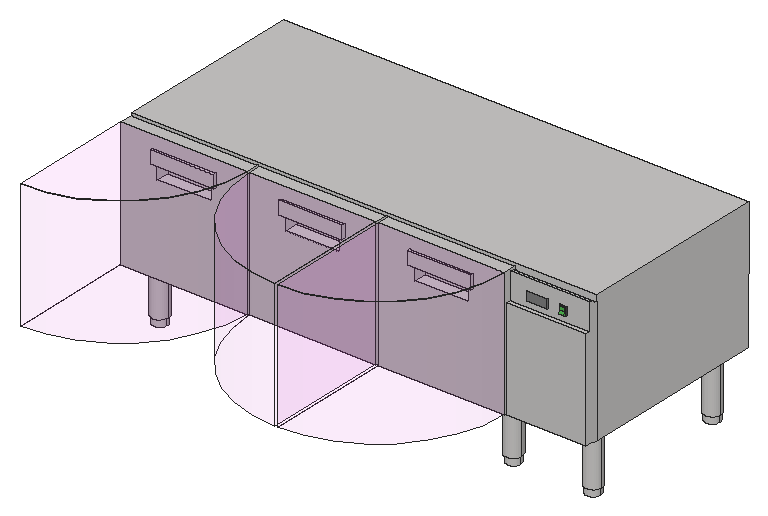
Revit family "QF_ELECTROLUXPROFESSIONAL_371293_E7TTCECOMKN", category Specialty Equipment, Revit 2018 (continued)
Definition of nested family "01_Refrigerator"
  Lines and regions (mm)
    detail lines, in view "Ref. Level"
      curve 6: line (-30.311, 17.5, 0) -> (-40, 45.883, 0)
      curve 7: line (-59.736, 11.7, 0) -> (-30.311, 17.5, 0)
      curve 8: line (-30.311, -17.5, 0) -> (-59.736, -11.7, 0)
      curve 9: line (-40, -45.883, 0) -> (-30.311, -17.5, 0)
      curve 10: line (0, -35, 0) -> (-19.116, -56.873, 0)
      curve 11: line (19.116, -56.873, 0) -> (0, -35, 0)
      curve 12: line (30.311, -17.5, 0) -> (39.696, -44.992, 0)
      curve 13: line (58.812, -11.882, 0) -> (30.311, -17.5, 0)
      curve 14: line (30.311, 17.5, 0) -> (58.812, 11.882, 0)
      curve 15: line (39.696, 44.992, 0) -> (30.311, 17.5, 0)
      curve 16: spline (-200, 0, 0) -> (-193.185, -23.294, 0) -> (-173.205, -45, 0) -> (-141.421, -63.64, 0) -> (-100, -77.942, 0) -> (-51.764, -86.933, 0) -> (0, -90, 0) -> (51.764, -86.933, 0) -> (100, -77.942, 0) -> (141.421, -63.64, 0) -> (173.205, -45, 0) -> (193.185, -23.294, 0) -> (200, 0, 0) -> (193.185, 23.294, 0) -> (173.205, 45, 0) -> (141.421, 63.64, 0) -> (100, 77.942, 0) -> (51.764, 86.933, 0) -> (0, 90, 0) -> (-51.764, 86.933, 0) -> (-100, 77.942, 0) -> (-141.421, 63.64, 0) -> (-173.205, 45, 0) -> (-193.185, 23.294, 0) -> (-200, 0, 0)
Types (2, lengths in mm): name | Volts | URL Manufacturer | URL | Manufacturer | Phase | Model | Item Number | Description | Cycle
  (no name) | 0 V | "" | "" | "" | 0 | "" | "" | "" | 0 Hz
  Standard | 220 V | "http://professional.electrolux.com" | "http://professional.electrolux.com" | "Electrolux Professional" | 1 | "E7TTCECOMKN" | "371293" | "REFRIGERATED BASE WITH 3 DOORS 1600MM - R290" | 50 Hz
